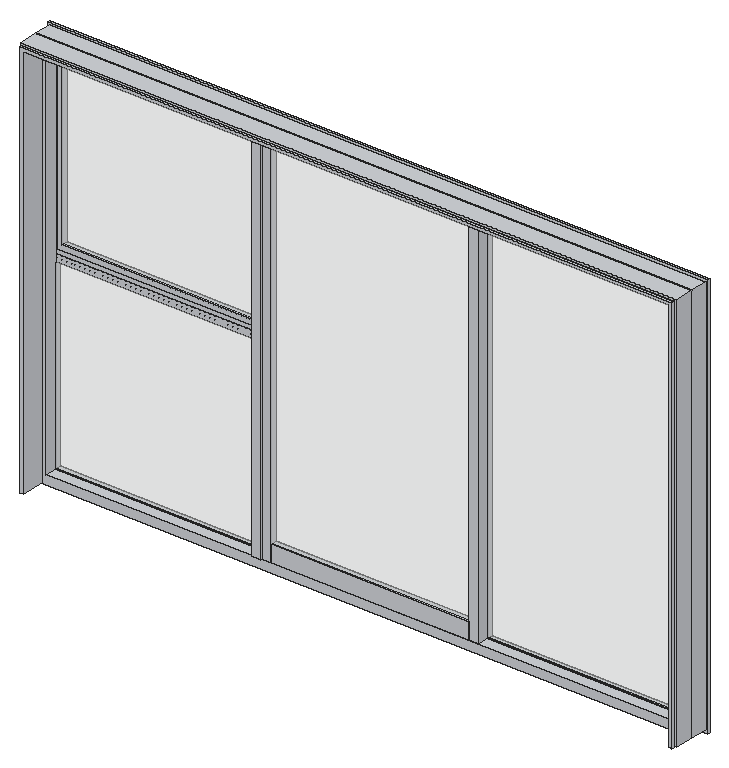
Revit family "APL Residential Thermal Heart Sliding Door FSF with Sidelight", category Doors, host Wall, Revit 2017
Family settings
  Host = Wall
  OmniClass Number = 23.30.10.00
  OmniClass Title = Doors
  Always vertical = Yes
  Cut with Voids When Loaded = No
  Shared = No
  Room Calculation Point = No
Parameters (values of type "Liner")
  Type [instance] = APL Residential Thermal Heart Sliding Door FSF with Sidelight Horizontal Section : Groove Liner
  Threshold [instance] = yes
  Seal [instance] = yes
  Sash [instance] = yes
  Rough Width = 3615 mm
  Rough Height = 2213 mm
  Rebate Height [instance] = 69.5 mm
  Rebate [instance] = yes
  Liner Sill = yes
  Liner Head = yes
  Liner End [instance] = 10 mm
  Liner [instance] = 101.3 mm
  Jamb Liner 2 = yes
  Jamb Liner 1 = yes
  Groove [instance] = 10 mm
  Glazing [instance] = yes
  Function = Interior
  Frame Width Sill = 15 mm
  Frame Projection Ext. = 13 mm
  Frame Projection Int. = 20 mm
  Frame Width = 17.306 mm
  Height = Rough Height - 12.5 mm  # 2200.5 mm
  Wall Closure = By host
  Width = Rough Width - 15 mm  # 3600 mm
  Reveal Liner = yes
  Fixed [instance] = yes
  Arrow Opening = yes
  Architrave = no
  Analytic Construction = "<None>"
Reference planes
  plane 1: y = 0
  plane 2 "Center (Left/Right)": x = -43
  plane 3 "Left": x = -1850.5
  plane 4 "Right": x = 1764.5
  plane 5: z = 2213
  plane 6 "Exterior": y = 100
  plane 7 "Interior": y = -100
  plane 8: z = 1106.5
  plane 9: x = -645.5
  plane 10: x = 559.5
Forms (mm)
  Extrusion 1, solid, visible <- "Architrave"
    sketch origin (0, -100, 0) x (1, 0, 0) y (0, 0, 1)
      loop
        line (-1850.5, 2213) -> (-1850.5, 0) -> (-1822.396, 0) -> (-1822.396, 2184.896) -> (1736.396, 2184.896) -> (1736.396, 0) -> (1764.5, 0) -> (1764.5, 2213) -> (-1850.5, 2213)
    from 0 to -103.35
  Extrusion 2, solid, visible <- "Architrave"
    sketch origin (-60, -100, 0) x (1, 0, 0) y (0, 0, 1)
      loop
        line (-1802, 2224.5) -> (-1802, 0) -> (-1762.396, 0) -> (-1762.396, 2184.896) -> (1796.396, 2184.896) -> (1796.396, -0.049) -> (1836, -0.049) -> (1836, 2224.5) -> (-1802, 2224.5)
    from 19.85 to 0
  Sweep 3, solid, visible <- "Reveal Liner"
    path origin (0, -100, 0) x (1, 0, 0) y (0, 0, 1)
      loop
        line (-1850.5, -0.049) -> (-1850.5, 2213) -> (1764.5, 2213) -> (1764.5, -0.049)
    profile origin (-1850.5, -100, 1106.475) x (-1, 0, 0) y (0, -1, 0)
      loop
        line (-9.104, 19.85) -> (-28.104, 19.85) -> (-28.104, -103.35) -> (0, -103.35) -> (0, -0.15) -> (-14.669, -0.15) -> (-14.669, 9.85) -> (-9.104, 9.85) -> (-9.104, 19.85)
  Sweep 4, solid
    path origin (0, 100, 0) x (1, 0, 0) y (0, 0, 1)
      loop
        line (1799.692, 2247.7) -> (-1885.708, 2247.7) -> (-1885.708, -38.2) -> (1799.692, -38.2) -> (1799.692, 2247.7)
    profile origin (-1885.708, 100, 1104.75) x (0, -1, 0) y (1, 0, 0)
      loop
        line (-12.35, 22.708) -> (0, 22.708) -> (0, 42.708) -> (26.65, 42.708) -> (26.65, 66.708) -> (-18.35, 66.708) -> (-18.35, 43.708) -> (-12.35, 37.708) -> (-12.35, 22.708)
  Extrusion 5, solid
    sketch origin (-43, 0, 0) x (0, 1, 0) y (0, 0, 1)
      loop
        line (44.38, 2161.998) -> (9.9, 2161.998) -> (9.9, 2099.995) -> (44.38, 2099.995) -> (44.38, 2161.998)
    from -519.563 to 575.578
  Extrusion 6, solid
    sketch origin (0, 0, 0) x (1, 0, 0) y (0, 1, 0)
      loop
        line (-669.272, 78.85) -> (-669.272, 102.85) -> (-1800, 102.85) -> (-1800, 78.85) -> (-669.272, 78.85)
    from 47.5 to 1075.792
  Sweep 7, solid
    path origin (0, 100, 0) x (1, 0, 0) y (0, 0, 1)
      loop
        line (-653.105, 2184.408) -> (-1822.396, 2184.408) -> (-1822.396, 1111.617) -> (-653.105, 1111.617) -> (-653.105, 2184.408)
    profile origin (-1822.396, 100, 1648.013) x (0, -1, 0) y (1, 0, 0)
      loop
        line (-24.75, -2.103) -> (-18.35, -2.103) -> (-18.35, 3.397) -> (26.65, 3.397) -> (26.65, 22.197) -> (21.15, 22.197) -> (21.15, 51.483) -> (-12.738, 51.483) -> (-24.75, 39.471) -> (-24.75, -2.103)
  Extrusion 8, solid
    sketch origin (-43, 0, 0) x (0, 1, 0) y (0, 0, 1)
      loop
        line (118.35, 1114.805) -> (73.35, 1114.805) -> (73.35, 1075.758) -> (75.684, 1075.758) -> (75.684, 1094.792) -> (118.35, 1094.792) -> (118.35, 1114.805)
    from -1776 to -607.272
  Extrusion 9, solid
    sketch origin (0, 0, 0) x (1, 0, 0) y (0, 1, 0)
      loop
        line (-1770.913, 87.75) -> (-704.588, 87.75) -> (-704.588, 111.75) -> (-1770.913, 111.75) -> (-1770.913, 87.75)
    from 1163.1 to 2132.716
  Extrusion 10, solid
    sketch origin (1143.695, 0, 2243.4) x (0, 1, 0) y (0, 0, -1)
      loop
        line (45.951, 2195.899) -> (9.95, 2195.899) -> (9.95, 2105.099) -> (45.951, 2105.099) -> (45.951, 2195.899)
    from 611.117 to 1706.259
  Extrusion 11, solid
    sketch origin (1100.695, 0, 0) x (-1, 0, 0) y (0, -1, 0)
      loop
        line (1713.696, -45.951) -> (1713.696, -9.95) -> (1663.259, -9.95) -> (1663.259, -45.951) -> (1713.696, -45.951)
    from 47.5 to 2161.998
  Extrusion 12, solid
    sketch origin (1100.695, 0, 0) x (-1, 0, 0) y (0, -1, 0)
      loop
        line (568.117, -40.65) -> (1663.259, -40.65) -> (1663.259, -16.65) -> (568.117, -16.65) -> (568.117, -40.65)
    from 138.3 to 2099.995
  Sweep 13, solid
    path origin (0, 100, 0) x (1, 0, 0) y (0, 0, 1)
      loop
        line (583.272, 47.5) -> (1714, 47.5) -> (1714, 2161.998) -> (583.272, 2161.998) -> (583.272, 47.5)
    profile origin (1714, 100, 1104.749) x (0, -1, 0) y (1, 0, 0)
      loop
        line (-3.964, 0) -> (26.65, 0) -> (26.65, 19) -> (-18.35, 19) -> (-18.35, 14.386) -> (-3.964, 0)
  Extrusion 14, solid
    sketch origin (514.931, 0, 0) x (-1, 0, 0) y (0, -1, 0)
      loop
        line (-17.647, -73.35) -> (-17.647, -9.95) -> (-68.34, -9.95) -> (-68.34, -73.35) -> (-17.647, -73.35)
    from 47.5 to 2161.998
  Extrusion 15, solid
    sketch origin (514.931, 0, 0) x (-1, 0, 0) y (0, -1, 0)
      loop
        line (-49.34, -73.35) -> (-49.34, -118.35) -> (-17.59, -118.35) -> (-17.59, -73.35) -> (-49.34, -73.35)
    from 28.508 to 2181
  Extrusion 16, solid
    sketch origin (-60, -100, 0) x (1, 0, 0) y (0, 0, 1)
      loop
        line (-1783, 2204.992) -> (-1783, 4.508) -> (1816.984, 4.508) -> (1816.984, 2204.992) -> (-1783, 2204.992)
      loop
        line (-1740, 2161.998) -> (-1740, 47.5) -> (1774, 47.5) -> (1774, 2161.998) -> (-1740, 2161.998)
    from -103.35 to -173.35
  Extrusion 17, solid
    sketch origin (-129.731, -100, 0) x (1, 0, 0) y (0, 0, 1)
      loop
        line (-1720.769, 2213) -> (-1720.769, 0) -> (1894.231, 0) -> (1894.231, 2213) -> (-1720.769, 2213)
      loop
        line (-1713.269, 2204.992) -> (-1713.269, 4.508) -> (1886.714, 4.508) -> (1886.714, 2204.992) -> (-1713.269, 2204.992)
    from -103.35 to -200
  Extrusion 18, solid
    sketch origin (-600.931, 0, 0) x (1, 0, 0) y (0, 1, 0)
      loop
        line (-12.069, 73.35) -> (-60.069, 73.35) -> (-60.069, 3.35) -> (-12.069, 3.35) -> (-12.069, 73.35)
    from 47.5 to 2161.998
  Extrusion 19, solid
    sketch origin (-600.931, 0, 0) x (1, 0, 0) y (0, 1, 0)
      loop
        line (-50.59, 73.35) -> (-33.569, 73.35) -> (-33.569, 118.35) -> (-50.59, 118.35) -> (-50.59, 73.35)
    from 28.508 to 2181
  Sweep 20, solid
    path origin (0, 100, 0) x (1, 0, 0) y (0, 0, 1)
      loop
        line (532.522, 49.581) -> (-613.305, 49.581) -> (-613.305, 2159.652) -> (532.522, 2159.652)
    profile origin (-613.305, 100, 1104.616) x (-1, 0, 0) y (0, -1, 0)
      loop
        line (21.196, -18.35) -> (21.196, 26.65) -> (-0.304, 26.65) -> (-0.304, 24.299) -> (17.362, -18.35) -> (21.196, -18.35)
  Sweep 21, solid
    path origin (0, 100, 0) x (1, 0, 0) y (0, 0, 1)
      loop
        line (-1800, 47.5) -> (-669.272, 47.5) -> (-669.272, 1075.792) -> (-1800, 1075.792) -> (-1800, 47.5)
    profile origin (-669.272, 100, 561.646) x (0, -1, 0) y (1, 0, 0)
      loop
        line (-3.964, 0) -> (26.65, 0) -> (26.65, 19) -> (-18.35, 19) -> (-18.35, 14.386) -> (-3.964, 0)
  Extrusion 22, solid
    sketch origin (2245.495, 62.2, 0) x (-1, 0, 0) y (0, -1, 0)
      loop
        line (531.495, -40.65) -> (1662.224, -40.65) -> (1662.224, -16.65) -> (531.495, -16.65) -> (531.495, -40.65)
    from 47.5 to 2161.998
Cuts and joins
  joined: Extrusion 1, Extrusion 2
  joined: Sweep 4, Extrusion 16, Extrusion 17
Lines and regions (mm)
  Opening 1
    outline origin (-5000.306, -100, 0) x (1, 0, 0) y (0, 0, 1)
      loop
        line (6764.806, 2213) -> (3149.806, 2213) -> (3149.806, 0) -> (6764.806, 0) -> (6764.806, 2213)
  symbolic lines, style "Elevation Swing"
    curve 1: line (-1237.751, 100, 2132.716) -> (-710.945, 100, 1163.1)
    curve 2: line (-1237.751, 100, 2132.716) -> (-1770.596, 100, 1163.1)
  symbolic lines, style "DoorsOpeningProjection"
    curve 3: line (-293, 157.712, 0) -> (207, 157.712, 0)
    curve 4: line (207, 157.712, 0) -> (110.407, 183.594, 0)
  symbolic lines, style "DoorsOpeningProjection", visible <- "Arrow Opening"
    curve 5: line (-298.893, 100, 1106.5) -> (212.893, 100, 1106.5)
    curve 6: line (212.893, 100, 1106.5) -> (128.087, 100, 1132.382)
Text (mm)
  text "Exterior" at (-2295.016, 1652.778, 0), in view "Ref. Level"
  text "Exterior" at (0, 1615.38, 3698.081), in view "Left"
  text "Exterior" at (0, 1036.032, 3874.932), in view "Right"
Dimensions and locks
  equal spacing: plane 3 "Left", plane 2 "Center (Left/Right)", plane 4 "Right"
  "Rough Width": plane 3 "Left" to plane 4 "Right"
  "Rough Height": plane 5 to host wall
  locked: plane 6 "Exterior" to host wall at 0
  locked: plane 7 "Interior" to host wall
  locked: Extrusion 5 to plane 5 at 113.005
  locked: cut or joined group of Extrusion 1, Extrusion 2 to cut or joined group of Extrusion 1, Extrusion 2 at 28.104  (x2)
  plane 6 "Exterior" to Extrusion 5 to Extrusion 5 = 55.62 mm locked, 34.48 mm locked
  locked: plane 3 "Left" to nested 1 at 7.5
  locked: Extrusion 9 to plane 5 at 80.284
  locked: plane 8 to Extrusion 8 at 11.708
  Sweep 7 to Extrusion 8 to plane 8 = 48.295 mm locked, 8.305 mm locked
  equal spacing: level, plane 8, plane 5
  locked: plane 8 to Extrusion 6 at 30.708
  locked: plane 8 to Extrusion 9 at 56.6
  locked: level to nested 3 at 4.508
  equal spacing: Sweep 7, curve 2, Extrusion 9
  locked: curve 3 to curve 3 at 500
  locked: curve 4 to curve 4 at 100
  Extrusion 11 to Extrusion 12 to Extrusion 12 to Extrusion 11 = 6.7 mm locked, 24 mm locked, 5.301 mm locked
  locked: Extrusion 14 to Extrusion 14 at 50.693
  locked: Sweep 7 to nested 1 at 13
  locked: Extrusion 22 to Extrusion 22 at 24
  level to plane 8 to plane 5 = 1106.5 mm, 1106.5 mm
  locked: Extrusion 22 to plane 5 at 51.002
  locked: Extrusion 12 to plane 5 at 113.005
  locked: Extrusion 15 to plane 5 at 32
  locked: Extrusion 11 to plane 5 at 51.002
  locked: Extrusion 19 to plane 5 at 32
  locked: plane 5 to Extrusion 18 at 51.002
  locked: plane 5 to Extrusion 14 at 51.002
  cut or joined group of Sweep 4, Extrusion 16, Extrusion 17 to cut or joined group of Sweep 4, Extrusion 16, Extrusion 17 to plane 6 "Exterior" = 70 mm locked, 26.65 mm locked
  cut or joined group of Sweep 4, Extrusion 16, Extrusion 17 to Sweep 7 to Extrusion 8 to Sweep 7 to Extrusion 9 to plane 6 "Exterior" to Extrusion 6 to Sweep 21 to Extrusion 9 to Sweep 7 to Sweep 7 to Sweep 7 = 70 mm locked, 2.334 mm locked, 3.166 mm locked, 8.9 mm locked, 12.25 mm locked, 2.85 mm locked, 1.114 mm locked, 7.786 mm locked, 0.988 mm locked, 5.612 mm locked, 6.4 mm locked
  Extrusion 18 to Sweep 20 to plane 6 "Exterior" to Extrusion 19 = 70 mm, 26.65 mm locked, 18.35 mm locked
  Extrusion 11 to Extrusion 12 to Extrusion 12 to Extrusion 10 to plane 6 "Exterior" = 6.7 mm locked, 24 mm locked, 5.301 mm locked, 54.049 mm locked
  Extrusion 14 to Extrusion 12 to Extrusion 12 to Extrusion 10 to Extrusion 15 to plane 6 "Exterior" to Extrusion 15 = 6.7 mm locked, 24 mm locked, 5.301 mm locked, 27.399 mm locked, 26.65 mm locked, 18.35 mm locked
  Sweep 13 to Sweep 13 to Extrusion 22 to host wall to Extrusion 22 to cut or joined group of Sweep 4, Extrusion 16, Extrusion 17 to cut or joined group of Sweep 4, Extrusion 16, Extrusion 17 = 14.386 mm locked, 1.114 mm locked, 2.85 mm locked, 21.15 mm locked, 5.5 mm locked, 70 mm locked
  locked: Extrusion 8 to plane 6 "Exterior" at 18.35
  locked: Extrusion 17 to Extrusion 17 at 96.65
  locked: plane 3 "Left" to Extrusion 8 at 31.5
  equal spacing: plane 3 "Left", plane 9, plane 10, plane 4 "Right"
  Extrusion 14 to plane 10 to Extrusion 14 = 26.922 mm locked, 23.772 mm locked
  Extrusion 18 to plane 9 to Extrusion 18 to Extrusion 11 = 15.5 mm locked, 32.5 mm locked, 50.437 mm locked
  Sweep 7 to plane 9 to Sweep 20 to Extrusion 18 = 11.001 mm locked, 11 mm locked, 21.5 mm locked
  Extrusion 15 to plane 10 to Extrusion 14 = 26.978 mm locked, 23.772 mm locked
  Extrusion 19 to plane 9 to Extrusion 19 = 6.022 mm locked, 11 mm locked
  locked: plane 10 to Extrusion 15 at 4.772
  locked: Sweep 21 to plane 9 at 4.772
  equal spacing: curve 6, plane 2 "Center (Left/Right)", curve 5
  locked: nested 2 to plane 5 at 7.992
  locked: nested 3 to plane 5 at 7.992
  locked: plane 10 to Extrusion 5 at 26.922
  locked: curve 4 to curve 3 (angle 15.00°)
  aligned and locked: host wall to plane 1
  aligned and locked: Extrusion 1 to Sweep 3
  aligned and locked: Extrusion 1 to level
  aligned and locked: Sweep 3 to Extrusion 1
  aligned and locked: Extrusion 1 to Extrusion 2
  aligned and locked: Extrusion 9 to Sweep 7  (x2)
  aligned and locked: Sweep 7 to curve 2
  aligned and locked: Sweep 7 to curve 1
  aligned and locked: Extrusion 11 to Extrusion 10
  aligned and locked: Extrusion 10 to Extrusion 11
  aligned and locked: Extrusion 12 to Extrusion 11
  aligned and locked: Extrusion 17 to Extrusion 16
  aligned and locked: Sweep 3 sketch curve to cut or joined group of Sweep 4, Extrusion 16, Extrusion 17
  aligned and locked: cut or joined group of Sweep 4, Extrusion 16, Extrusion 17 to Extrusion 18
  aligned and locked: Extrusion 10 to Extrusion 12
  aligned and locked: Extrusion 5 to Extrusion 11
  aligned and locked: Extrusion 15 to Sweep 13
  aligned and locked: Extrusion 14 to Sweep 13
  aligned and locked: Extrusion 6 to Sweep 21
  aligned and locked: Extrusion 8 to Sweep 21
  aligned and locked: Extrusion 22 to Sweep 13  (x2)
  aligned and locked: Extrusion 12 to Extrusion 14
Automatic sketch dimensions
  host wall to curve 4 = 57.712 mm
  plane 2 "Center (Left/Right)" to curve 4 = 250 mm
  curve 5 to plane 8 = 0 mm
  plane 5 to curve 2 = 80.284 mm
  curve 2 to plane 3 "Left" = 79.904 mm
  curve 1 to plane 2 "Center (Left/Right)" = 667.945 mm
  plane 8 to curve 6 = 25.882 mm
  curve 6 to curve 5 = 84.806 mm
  plane 3 "Left" to Opening 1 sketch curve = 0 mm
  Opening 1 sketch curve to level = 0 mm
  plane 4 "Right" to Opening 1 sketch curve = 0 mm
  Opening 1 sketch curve to plane 5 = 0 mm
  Extrusion 1 sketch curve to level = 0 mm  (x2)
  plane 3 "Left" to Extrusion 1 sketch curve = 0 mm
  plane 4 "Right" to Extrusion 1 sketch curve = 0 mm
  Extrusion 1 sketch curve to plane 5 = 0 mm
  Extrusion 1 sketch curve to plane 3 "Left" = 28.104 mm
  plane 4 "Right" to Extrusion 1 sketch curve = 28.104 mm
  plane 5 to Extrusion 1 sketch curve = 28.104 mm
  Extrusion 2 sketch curve to level = 0 mm
  plane 3 "Left" to Extrusion 2 sketch curve = 11.5 mm
  Extrusion 2 sketch curve to plane 3 "Left" = 28.104 mm
  plane 4 "Right" to Extrusion 2 sketch curve = 28.104 mm
  Extrusion 2 sketch curve to plane 4 "Right" = 11.5 mm
  Extrusion 2 sketch curve to level = 0.049 mm
  plane 5 to Extrusion 2 sketch curve = 28.104 mm
  Extrusion 2 sketch curve to plane 5 = 11.5 mm
  plane 3 "Left" to Sweep 3 sketch curve = 0 mm
  plane 4 "Right" to Sweep 3 sketch curve = 0 mm
  Sweep 3 sketch curve to plane 5 = 0 mm
  Sweep 3 sketch curve to level = 0.049 mm  (x2)
  plane 3 "Left" to Sweep 4 sketch curve = 35.208 mm
  Sweep 4 sketch curve to plane 4 "Right" = 35.192 mm
  Sweep 4 sketch curve to level = 38.2 mm
  Sweep 4 sketch curve to plane 5 = 34.7 mm
  Extrusion 5 sketch curve to host wall = 9.9 mm
  Extrusion 5 sketch curve to Extrusion 5 sketch curve = 34.48 mm
  plane 5 to Extrusion 5 sketch curve = 113.005 mm
  plane 5 to Extrusion 5 sketch curve = 51.002 mm
  Extrusion 6 sketch curve to host wall = 21.15 mm
  Extrusion 6 sketch curve to plane 3 "Left" = 50.5 mm
  host wall to Extrusion 6 sketch curve = 2.85 mm
  Extrusion 6 sketch curve to plane 2 "Center (Left/Right)" = 626.272 mm
  Sweep 7 sketch curve to plane 3 "Left" = 28.104 mm
  plane 8 to Sweep 7 sketch curve = 5.117 mm
  Sweep 7 sketch curve to plane 2 "Center (Left/Right)" = 610.105 mm
  plane 5 to Sweep 7 sketch curve = 28.592 mm
  plane 8 to Extrusion 8 sketch curve = 8.305 mm
  Extrusion 8 sketch curve to host wall = 26.65 mm
  Extrusion 8 sketch curve to Extrusion 8 sketch curve = 2.334 mm
  host wall to Extrusion 8 sketch curve = 18.35 mm
  Extrusion 8 sketch curve to plane 8 = 11.708 mm
  Extrusion 8 sketch curve to Extrusion 8 sketch curve = 19.034 mm
  host wall to Extrusion 9 sketch curve = 11.75 mm
  Extrusion 9 sketch curve to plane 3 "Left" = 79.587 mm
  Extrusion 9 sketch curve to plane 2 "Center (Left/Right)" = 661.588 mm
  Extrusion 9 sketch curve to host wall = 12.25 mm
  Extrusion 10 sketch curve to host wall = 9.95 mm
  Extrusion 10 sketch curve to Extrusion 10 sketch curve = 36.001 mm
  level to Extrusion 10 sketch curve = 138.3 mm
  level to Extrusion 10 sketch curve = 47.5 mm
  Extrusion 11 sketch curve to host wall = 45.951 mm
  Extrusion 11 sketch curve to plane 2 "Center (Left/Right)" = 519.563 mm
  Extrusion 11 sketch curve to host wall = 9.95 mm
  Extrusion 11 sketch curve to Extrusion 11 sketch curve = 50.437 mm
  Extrusion 12 sketch curve to host wall = 16.65 mm
  plane 2 "Center (Left/Right)" to Extrusion 12 sketch curve = 575.578 mm
  Extrusion 12 sketch curve to plane 2 "Center (Left/Right)" = 519.563 mm
  Extrusion 12 sketch curve to Extrusion 12 sketch curve = 24 mm
  Extrusion 14 sketch curve to host wall = 26.65 mm
  plane 2 "Center (Left/Right)" to Extrusion 14 sketch curve = 626.272 mm
  Extrusion 14 sketch curve to host wall = 9.95 mm
  Extrusion 14 sketch curve to Extrusion 14 sketch curve = 50.693 mm
  host wall to Extrusion 15 sketch curve = 18.35 mm
  plane 2 "Center (Left/Right)" to Extrusion 15 sketch curve = 607.272 mm
  Extrusion 15 sketch curve to Extrusion 15 sketch curve = 31.75 mm
  Extrusion 15 sketch curve to host wall = 26.65 mm
  Extrusion 16 sketch curve to plane 3 "Left" = 7.5 mm
  Extrusion 16 sketch curve to plane 3 "Left" = 50.5 mm
  plane 4 "Right" to Extrusion 16 sketch curve = 50.5 mm
  plane 4 "Right" to Extrusion 16 sketch curve = 7.516 mm
  level to Extrusion 16 sketch curve = 4.508 mm
  level to Extrusion 16 sketch curve = 47.5 mm
  plane 5 to Extrusion 16 sketch curve = 51.002 mm
  plane 5 to Extrusion 16 sketch curve = 8.008 mm
  Extrusion 17 sketch curve to level = 0 mm
  plane 3 "Left" to Extrusion 17 sketch curve = 0 mm
  plane 4 "Right" to Extrusion 17 sketch curve = 0 mm
  Extrusion 17 sketch curve to plane 5 = 0 mm
  Extrusion 17 sketch curve to plane 3 "Left" = 7.5 mm
  plane 4 "Right" to Extrusion 17 sketch curve = 7.516 mm
  level to Extrusion 17 sketch curve = 4.508 mm
  plane 5 to Extrusion 17 sketch curve = 8.008 mm
  Extrusion 18 sketch curve to host wall = 26.65 mm
  Extrusion 18 sketch curve to plane 2 "Center (Left/Right)" = 618 mm
  Extrusion 18 sketch curve to host wall = 3.35 mm
  Extrusion 18 sketch curve to Extrusion 18 sketch curve = 48 mm
  host wall to Extrusion 19 sketch curve = 18.35 mm
  Extrusion 19 sketch curve to plane 2 "Center (Left/Right)" = 608.522 mm
  Extrusion 19 sketch curve to Extrusion 19 sketch curve = 17.021 mm
  Extrusion 19 sketch curve to host wall = 26.65 mm
  profile plane to Sweep 20 sketch curve = 0.304 mm
  Sweep 20 sketch curve to profile plane = 17.362 mm
  Sweep 20 sketch curve to profile plane = 21.196 mm
  Sweep 20 sketch curve to plane 6 "Exterior" = 18.35 mm
  plane 6 "Exterior" to Sweep 20 sketch curve = 24.299 mm
  Sweep 20 sketch curve to Sweep 20 sketch curve = 2.351 mm
  Extrusion 22 sketch curve to host wall = 78.85 mm
  plane 4 "Right" to Extrusion 22 sketch curve = 50.5 mm
  plane 2 "Center (Left/Right)" to Extrusion 22 sketch curve = 626.272 mm
  Extrusion 22 sketch curve to Extrusion 22 sketch curve = 24 mm
  plane 6 "Exterior" to Sweep 4 sketch curve = 0 mm
  Sweep 4 sketch curve to Sweep 4 sketch curve = 12.35 mm
  Sweep 4 sketch curve to plane 6 "Exterior" = 18.35 mm
  plane 6 "Exterior" to Sweep 4 sketch curve = 26.65 mm
  Sweep 4 sketch curve to profile plane = 22.708 mm
  Sweep 4 sketch curve to Sweep 4 sketch curve = 15 mm
  Sweep 4 sketch curve to Sweep 4 sketch curve = 20 mm
  Sweep 4 sketch curve to Sweep 4 sketch curve = 6 mm
  Sweep 4 sketch curve to Sweep 4 sketch curve = 23 mm
  Sweep 13 sketch curve to profile plane = 0 mm
  Sweep 13 sketch curve to profile plane = 18.35 mm
  Sweep 13 sketch curve to profile plane = 3.964 mm
  profile plane to Sweep 13 sketch curve = 26.65 mm
  Sweep 13 sketch curve to profile plane = 14.386 mm
  Sweep 13 sketch curve to Sweep 13 sketch curve = 4.614 mm
  Sweep 3 sketch curve to profile plane = 0 mm
  profile plane to Sweep 3 sketch curve = 9.104 mm
  Sweep 3 sketch curve to Sweep 3 sketch curve = 5.565 mm
  profile plane to Sweep 3 sketch curve = 28.104 mm
  Sweep 3 sketch curve to plane 7 "Interior" = 0.15 mm
  plane 7 "Interior" to Sweep 3 sketch curve = 9.85 mm
  Sweep 3 sketch curve to Sweep 3 sketch curve = 10 mm
  Sweep 21 sketch curve to profile plane = 0 mm
  Sweep 21 sketch curve to profile plane = 18.35 mm
  Sweep 21 sketch curve to profile plane = 3.964 mm
  profile plane to Sweep 21 sketch curve = 26.65 mm
  Sweep 21 sketch curve to profile plane = 14.386 mm
  Sweep 21 sketch curve to Sweep 21 sketch curve = 4.614 mm
  Sweep 21 sketch curve to plane 3 "Left" = 50.5 mm
  level to Sweep 21 sketch curve = 47.5 mm
  Sweep 21 sketch curve to plane 2 "Center (Left/Right)" = 626.272 mm
  Sweep 21 sketch curve to plane 8 = 30.708 mm
  plane 5 to Sweep 13 sketch curve = 51.002 mm
  plane 2 "Center (Left/Right)" to Sweep 13 sketch curve = 626.272 mm
  plane 4 "Right" to Sweep 13 sketch curve = 50.5 mm
  level to Sweep 13 sketch curve = 47.5 mm
  profile plane to Sweep 7 sketch curve = 2.103 mm
  Sweep 7 sketch curve to plane 6 "Exterior" = 24.75 mm
  Sweep 7 sketch curve to Sweep 7 sketch curve = 6.4 mm
  Sweep 7 sketch curve to plane 6 "Exterior" = 12.738 mm
  plane 6 "Exterior" to Sweep 7 sketch curve = 21.15 mm
  Sweep 7 sketch curve to Sweep 7 sketch curve = 5.5 mm
  Sweep 7 sketch curve to profile plane = 3.397 mm
  Sweep 7 sketch curve to Sweep 7 sketch curve = 18.8 mm
  Sweep 7 sketch curve to Sweep 7 sketch curve = 36.074 mm
  Sweep 7 sketch curve to Sweep 7 sketch curve = 29.287 mm
  plane 9 to Sweep 20 sketch curve = 32.195 mm
  level to Sweep 20 sketch curve = 49.581 mm
  plane 5 to Sweep 20 sketch curve = 53.348 mm
  Sweep 20 sketch curve to plane 10 = 26.978 mm  (x2)
  plane 2 "Center (Left/Right)" to curve 6 = 255.893 mm
Nested families
  nested 1: "APL Residential Thermal Heart Sliding Door FSF with Sidelight Horizontal Section" at (-1342.917, 157.796, -15.492), Box Width <- "Width", type <- "Type", type "Groove Liner"
    with Liner End 10 mm, Liner 106.8 mm, Groove 10 mm, Glass Sash Length 1095 mm, Glass Length 1119 mm, Glass Fixed Length 1155 mm, Box Width 3600 mm
  nested 2: "APL Residential Thermal Heart Sliding Door FSF Vertical Section" at (-1863, -277.596, 127.905) x (0, -1, 0) z (1, 0, 0), Box Height <- "Height", type "Groove Liner"
    with Liner End 10 mm, Liner 100 mm, Groove 10 mm, Glass Length 1982.6 mm, Glass Fixed Length 2140 mm, Box Height 2200.5 mm
  nested 3: "APL Residential Thermal Heart Sliding Door FSF with Sidelight Vertical Section" at (-1863, -277.127, 127.905) x (0, -1, 0) z (1, 0, 0), Box Height <- "Height", type "Groove Liner"
    with Liner End 10 mm, Liner 100 mm, Groove 10 mm, Glass Sash 996.25 mm, Glass Length 1053.75 mm, Box Height 2200.5 mm
Definition of nested family "APL Residential Thermal Heart Sliding Door FSF with Sidelight Horizontal Section"
  Parameters (values of type "Groove Liner")
    Liner End [instance] = 10 mm
    Liner Block = Liner : Liner
    Liner [instance] = 100 mm
    Groove [instance] = 10 mm
    Glass Length [instance] = (Box Width / 3) - 81 mm  # 252.333 mm
    Glass Sash Length [instance] = (Box Width / 3) - 105 mm  # 228.333 mm
    Glass Fixed Length [instance] = (Box Width / 3) - 45 mm  # 288.333 mm
    Box Width [instance] = 1000 mm
  Types (2, lengths in mm): name | Liner Block | Glass Length | Glass Sash Length | Glass Fixed Length | Box Width
    Groove Liner | Liner : Liner | 252.333 | 228.333 | 288.333 | 1000
    Liner | Liner No Groove : Liner No Groove | 85.667 | 61.667 | 121.667 | 500
  Reference planes
    plane 1 "Center (Front/Back)": y = 39.446
    plane 2: z = 0
    plane 3 "Center (Left/Right)": x = -0.083
    plane 4: x = -500.083
    plane 5: x = 499.917
    plane 6: y = 150.946
    plane 7: y = 150.946
    plane 8: x = 507.417
    plane 9: y = 57.796
    plane 10: x = -166.75
    plane 11: x = 166.584
  Dimensions and locks
    equal spacing: plane 4, plane 3 "Center (Left/Right)", plane 5
    "Box Width": plane 4 to plane 5
    "Liner": plane 6 to nested 1
    "Liner": plane 7 to nested 2
    plane 8 to plane 5 = 7.5 mm
    locked: plane 4 to nested 6 at 59
    locked: nested 1 to nested 5 at 22.397
    locked: nested 5 to nested 6 at 6
    locked: nested 11 to nested 2 at 22.397
    equal spacing: plane 4, plane 10, plane 11, plane 5
    locked: nested 7 to nested 8 at 6
    locked: nested 8 to nested 3 at 6
    nested 7 to plane 10 to nested 3 = 46.001 mm locked, 69.816 mm locked
    locked: nested 4 to nested 10 at 5.965
    locked: nested 10 to nested 9 at 6.328
    nested 4 to plane 11 to nested 9 = 11.441 mm locked, 14.849 mm locked
    locked: nested 12 to nested 11 at 6.351
    locked: nested 12 to plane 5 at 30.351
    aligned and locked: plane 7 to nested 2
    aligned and locked: nested 5 to plane 4
    aligned and locked: nested 11 to plane 5
  Nested families
    nested 1: "Liner" at (-479.48, 150.946, 0) x (0, 1, 0) z (0, 0, 1), type <- "Liner Block", type "Liner", in view "Ref. Level", detail levels fine
      with built-in parameter 1001306 0.32808 (stored number, unit not read)
    nested 2: "Liner" at (479.313, 150.946, 0) x (0, 1, 0) z (0, 0, 1), type <- "Liner Block", type "Liner", in view "Ref. Level", detail levels fine
      with built-in parameter 1001306 0.32808 (stored number, unit not read)
    nested 3: "Glass" at (-96.934, 117.146, 0) x (0, 1, 0) z (0, 0, 1), Glass Lenght <- "Glass Length", type "Glass", in view "Ref. Level", detail levels fine
      with Glass Lenght 252.333 mm
    nested 4: "Glass" at (155.143, 117.146, 0) x (0, 1, 0) z (0, 0, 1), Glass Lenght <- "Glass Length", type "Glass", in view "Ref. Level", detail levels fine
      with Glass Lenght 252.333 mm
    nested 5: "Jamb&Sash" at (-500.083, 39.446, 0), type "Jamb&Sash", in view "Ref. Level", detail levels fine
    nested 6: "Glazing" at (-441.083, 46.046, 0) x (0, 1, 0) z (0, 0, 1), Glass Lenght <- "Glass Sash Length", type "Glazing", in view "Ref. Level", detail levels fine
      with Glass Lenght 228.333 mm
    nested 7: "Glazing" at (-212.751, 46.046, 0) x (0, 1, 0) z (0, 0, 1), Glass Lenght <- "Glass Sash Length", type "Glazing", in view "Ref. Level", detail levels fine
      with Glass Lenght 228.333 mm
    nested 8: "Three Panel Closer" at (-184.75, 85.446, 0), type "Three Panel Closer", in view "Ref. Level", detail levels fine
    nested 9: "Glazing Bead" at (181.433, 54.946, 0) x (0, 1, 0) z (0, 0, 1), Glass Lenght <- "Glass Fixed Length", type "Glazing Bead", in view "Ref. Level", detail levels fine
      with Glass Lenght 288.333 mm
    nested 10: "Interlocker" at (167.515, 109.946, 0) x (-1, 0, 0) z (0, 0, 1), type "Interlocker", in view "Ref. Level", detail levels fine
    nested 11: "Jamb Fixed" at (499.917, 39.446, 0) x (-1, 0, 0) z (0, 0, 1), type "Jamb Fixed", in view "Ref. Level", detail levels fine
    nested 12: "Glazing Bead" at (469.566, 54.946, 0) x (0, 1, 0) z (0, 0, 1), Glass Lenght <- "Glass Fixed Length", type "Glazing Bead", in view "Ref. Level", detail levels fine
      with Glass Lenght 288.333 mm
  Definition of nested family "Liner"
    Parameters (values of type "Liner")
      Type Image = (empty or 0)
      built-in parameter 1001306 [instance] = 100 mm
      Groove [instance] = 10 mm
      End Liner [instance] = 10 mm
    Reference planes
      plane 1 "Center (Front/Back)": y = 0
      plane 2: z = 0
      plane 3 "Left": x = 0
      plane 4 "Right": x = 100
    Lines and regions (mm)
      Filled region 1, type "Brick", in view "Ref. Level"
        outline origin (0, 0, 0) x (1, 0, 0) y (0, 1, 0)
          loop
            line (0, 0) -> (120, 0) -> (120, 19) -> (110, 19) -> (110, 13.435) -> (100, 13.435) -> (100, 19) -> (0, 19) -> (0, 0)
      reference lines, in view "Ref. Level"
        curve 1: line (0, 0, 0) -> (100, 0, 0)
      detail lines, in view "Ref. Level", detail levels fine
        curve 2: line (100, 0, 0) -> (0, 0, 0)
    Dimensions and locks
      "built-in parameter 1001306": plane 3 "Left" to plane 4 "Right"
      locked: Filled region 1 to curve 2 at 19
      "Groove": plane 4 "Right" to Filled region 1
      "End Liner": Filled region 1 to Filled region 1
      aligned and locked: plane 1 "Center (Front/Back)" to curve 1
      aligned and locked: plane 3 "Left" to curve 1
      aligned and locked: plane 4 "Right" to curve 1
      aligned and locked: curve 1 to Filled region 1
      aligned and locked: plane 1 "Center (Front/Back)" to Filled region 1
      aligned and locked: Filled region 1 to plane 3 "Left"
    Automatic sketch dimensions
      curve 2 to plane 4 "Right" = 0 mm
      Filled region 1 sketch curve to plane 3 "Left" = 0 mm
      Filled region 1 sketch curve to plane 4 "Right" = 0 mm
      Filled region 1 sketch curve to Filled region 1 sketch curve = 10 mm  (x2)
      Filled region 1 sketch curve to plane 1 "Center (Front/Back)" = 0 mm
      Filled region 1 sketch curve to plane 1 "Center (Front/Back)" = 13.435 mm
      Filled region 1 sketch curve to Filled region 1 sketch curve = 5.565 mm  (x2)
      curve 2 to plane 3 "Left" = 0 mm
  Definition of nested family "Glass"
    Parameters (values of type "Glass")
      Glass Lenght [instance] = 50 mm
    Reference planes
      plane 1 "Center (Front/Back)": y = 0
      plane 2: z = 0
      plane 3 "Center (Left/Right)": x = 0
      plane 4: y = -50
    Lines and regions (mm)
      Filled region 1, type "Solid Fill - Black", in view "Ref. Level"
        outline origin (0, 0, 0) x (1, 0, 0) y (0, 1, 0)
          loop
            line (4, 0) -> (4, -12) -> (20, -12) -> (20, 0) -> (4, 0)
      model lines, in view "Ref. Level"
        curve 1: line (4, -12, 0) -> (20, -12, 0)
        curve 2: line (0, -50, 0) -> (0, 0, 0)
        curve 3: line (0, 0, 0) -> (24, 0, 0)
        curve 4: line (24, 0, 0) -> (24, -50, 0)
        curve 5: line (20, 0, 0) -> (20, -50, 0)
        curve 6: line (4, 0, 0) -> (4, -50, 0)
      detail lines, in view "Ref. Level"
        curve 7: arc (25, -11.728, 0) -> (24.979, -11.828, 0) -> (24.92, -11.912, 0) r 0.25
        curve 8: arc (24.161, -12.614, 0) -> (24.042, -12.78, 0) -> (24, -12.981, 0) r 0.5
        curve 9: arc (24, -14.404, 0) -> (24.088, -14.594, 0) -> (24.289, -14.651, 0) r 0.25
        curve 10: arc (28.489, -13.997, 0) -> (28.647, -13.904, 0) -> (28.699, -13.728, 0) r 0.25
        curve 11: arc (27.5, -9.1, 0) -> (27.711, -8.984, 0) -> (27.727, -8.744, 0) r 0.25
        curve 12: arc (26.033, -5.114, 0) -> (25.642, -4.858, 0) -> (25.24, -5.095, 0) r 0.442
        curve 13: arc (24.864, -5.812, 0) -> (24.414, -6.357, 0) -> (24.052, -6.964, 0) r 4.62
        curve 14: arc (24.052, -6.964, 0) -> (24.013, -7.073, 0) -> (24, -7.187, 0) r 0.5
        curve 15: arc (24, -7.743, 0) -> (24.132, -7.931, 0) -> (24.353, -7.871, 0) r 0.2
        curve 16: arc (24.353, -7.871, 0) -> (24.514, -7.711, 0) -> (24.702, -7.581, 0) r 1.262
        curve 17: arc (24.702, -7.581, 0) -> (24.901, -7.583, 0) -> (25, -7.756, 0) r 0.2
        curve 18: arc (25, -8.353, 0) -> (24.962, -8.543, 0) -> (24.855, -8.705, 0) r 0.5
        curve 19: arc (24.855, -8.705, 0) -> (24.408, -9.237, 0) -> (24.051, -9.833, 0) r 4.3
        curve 20: arc (24.051, -9.833, 0) -> (24.013, -9.941, 0) -> (24, -10.054, 0) r 0.5
        curve 21: arc (24, -10.668, 0) -> (24.137, -10.858, 0) -> (24.361, -10.787, 0) r 0.2
        curve 22: arc (24.361, -10.787, 0) -> (24.512, -10.617, 0) -> (24.69, -10.476, 0) r 1.288
        curve 23: arc (24.69, -10.476, 0) -> (24.895, -10.467, 0) -> (25, -10.643, 0) r 0.2
        curve 24: line (24.92, -11.912, 0) -> (24.161, -12.614, 0)
        curve 25: line (24, -12.981, 0) -> (24, -14.404, 0)
        curve 26: line (24.289, -14.651, 0) -> (28.489, -13.997, 0)
        curve 27: line (28.699, -13.728, 0) -> (28.548, -12, 0)
        curve 28: line (28.548, -12, 0) -> (27, -12, 0)
        curve 29: line (27, -12, 0) -> (27, -9.1, 0)
        curve 30: line (27, -9.1, 0) -> (27.5, -9.1, 0)
        curve 31: line (27.727, -8.744, 0) -> (26.033, -5.114, 0)
        curve 32: line (25.24, -5.095, 0) -> (24.864, -5.812, 0)
        curve 33: line (24, -7.187, 0) -> (24, -7.743, 0)
        curve 34: line (25, -7.756, 0) -> (25, -8.353, 0)
        curve 35: line (24, -10.054, 0) -> (24, -10.668, 0)
        curve 36: line (25, -10.643, 0) -> (25, -11.728, 0)
        curve 87: arc (-0.25, -13, 0) -> (0, -12.75, 0) -> (-0.25, -12.5, 0) r 0.25
        curve 88: arc (-0.25, -9.45, 0) -> (0, -9.2, 0) -> (-0.25, -8.95, 0) r 0.25
        curve 89: arc (-0.25, -8.281, 0) -> (0, -8.031, 0) -> (-0.25, -7.781, 0) r 0.25
        curve 90: arc (-0.25, -7.113, 0) -> (0, -6.863, 0) -> (-0.25, -6.613, 0) r 0.25
        curve 91: line (-0.25, -5.444, 0) -> (-1, -5.444, 0)
        curve 92: line (-1, -5.444, 0) -> (-1, -9.45, 0)
        curve 93: line (-1, -9.45, 0) -> (-2.2, -9.45, 0)
        curve 94: line (-2.2, -9.45, 0) -> (-2.2, -8.7, 0)
        curve 95: line (-2.2, -8.7, 0) -> (-2.8, -8.7, 0)
        curve 96: line (-2.8, -8.7, 0) -> (-2.8, -11.8, 0)
        curve 97: line (-2.8, -11.8, 0) -> (-2.2, -11.8, 0)
        curve 98: line (-2.2, -11.8, 0) -> (-2.2, -11.05, 0)
        curve 99: line (-2.2, -11.05, 0) -> (-1, -11.05, 0)
        curve 100: line (-1, -11.05, 0) -> (-1, -13, 0)
        curve 101: line (-1, -13, 0) -> (-0.25, -13, 0)
        curve 102: line (-0.25, -12.5, 0) -> (-0.25, -9.45, 0)
        curve 103: line (-0.25, -8.95, 0) -> (-0.25, -8.281, 0)
        curve 104: line (-0.25, -7.781, 0) -> (-0.25, -7.113, 0)
        curve 105: line (-0.25, -6.613, 0) -> (-0.25, -5.944, 0)
        curve 106: arc (-0.25, -5.944, 0) -> (0, -5.694, 0) -> (-0.25, -5.444, 0) r 0.25
      detail lines, in view "Ref. Level", not visible
        curve 37: arc (-0.25, -4.9, 0) -> (0, -5.15, 0) -> (-0.25, -5.4, 0) r 0.25
        curve 38: arc (-0.25, -8.45, 0) -> (0, -8.7, 0) -> (-0.25, -8.95, 0) r 0.25
        curve 39: arc (-0.25, -9.619, 0) -> (0, -9.869, 0) -> (-0.25, -10.119, 0) r 0.25
        curve 40: arc (-0.25, -10.787, 0) -> (0, -11.037, 0) -> (-0.25, -11.287, 0) r 0.25
        curve 41: line (-0.25, -12.456, 0) -> (-1, -12.456, 0)
        curve 42: line (-1, -12.456, 0) -> (-1, -8.45, 0)
        curve 43: line (-1, -8.45, 0) -> (-2.2, -8.45, 0)
        curve 44: line (-2.2, -8.45, 0) -> (-2.2, -9.2, 0)
        curve 45: line (-2.2, -9.2, 0) -> (-2.8, -9.2, 0)
        curve 46: line (-2.8, -9.2, 0) -> (-2.8, -6.1, 0)
        curve 47: line (-2.8, -6.1, 0) -> (-2.2, -6.1, 0)
        curve 48: line (-2.2, -6.1, 0) -> (-2.2, -6.85, 0)
        curve 49: line (-2.2, -6.85, 0) -> (-1, -6.85, 0)
        curve 50: line (-1, -6.85, 0) -> (-1, -4.9, 0)
        curve 51: line (-1, -4.9, 0) -> (-0.25, -4.9, 0)
        curve 52: line (-0.25, -5.4, 0) -> (-0.25, -8.45, 0)
        curve 53: line (-0.25, -8.95, 0) -> (-0.25, -9.619, 0)
        curve 54: line (-0.25, -10.119, 0) -> (-0.25, -10.787, 0)
        curve 55: line (-0.25, -11.287, 0) -> (-0.25, -11.956, 0)
        curve 56: arc (-0.25, -11.956, 0) -> (0, -12.206, 0) -> (-0.25, -12.456, 0) r 0.25
        curve 57: arc (25, -10.728, 0) -> (24.979, -10.828, 0) -> (24.92, -10.912, 0) r 0.25
        curve 58: arc (24.161, -11.614, 0) -> (24.042, -11.78, 0) -> (24, -11.981, 0) r 0.5
        curve 59: arc (24, -13.404, 0) -> (24.088, -13.594, 0) -> (24.289, -13.651, 0) r 0.25
        curve 60: arc (28.489, -12.997, 0) -> (28.647, -12.904, 0) -> (28.699, -12.728, 0) r 0.25
        curve 61: arc (27.5, -8.1, 0) -> (27.711, -7.984, 0) -> (27.727, -7.744, 0) r 0.25
        curve 62: arc (26.033, -4.114, 0) -> (25.642, -3.858, 0) -> (25.24, -4.095, 0) r 0.442
        curve 63: arc (24.864, -4.812, 0) -> (24.414, -5.357, 0) -> (24.052, -5.964, 0) r 4.62
        curve 64: arc (24.052, -5.964, 0) -> (24.013, -6.073, 0) -> (24, -6.187, 0) r 0.5
        curve 65: arc (24, -6.743, 0) -> (24.132, -6.931, 0) -> (24.353, -6.871, 0) r 0.2
        curve 66: arc (24.353, -6.871, 0) -> (24.514, -6.711, 0) -> (24.702, -6.581, 0) r 1.262
        curve 67: arc (24.702, -6.581, 0) -> (24.901, -6.583, 0) -> (25, -6.756, 0) r 0.2
        curve 68: arc (25, -7.353, 0) -> (24.962, -7.543, 0) -> (24.855, -7.705, 0) r 0.5
        curve 69: arc (24.855, -7.705, 0) -> (24.408, -8.237, 0) -> (24.051, -8.833, 0) r 4.3
        curve 70: arc (24.051, -8.833, 0) -> (24.013, -8.941, 0) -> (24, -9.054, 0) r 0.5
        curve 71: arc (24, -9.668, 0) -> (24.137, -9.858, 0) -> (24.361, -9.787, 0) r 0.2
        curve 72: arc (24.361, -9.787, 0) -> (24.512, -9.617, 0) -> (24.69, -9.476, 0) r 1.288
        curve 73: arc (24.69, -9.476, 0) -> (24.895, -9.467, 0) -> (25, -9.643, 0) r 0.2
        curve 74: line (24.92, -10.912, 0) -> (24.161, -11.614, 0)
        curve 75: line (24, -11.981, 0) -> (24, -13.404, 0)
        curve 76: line (24.289, -13.651, 0) -> (28.489, -12.997, 0)
        curve 77: line (28.699, -12.728, 0) -> (28.548, -11, 0)
        curve 78: line (28.548, -11, 0) -> (27, -11, 0)
        curve 79: line (27, -11, 0) -> (27, -8.1, 0)
        curve 80: line (27, -8.1, 0) -> (27.5, -8.1, 0)
        curve 81: line (27.727, -7.744, 0) -> (26.033, -4.114, 0)
        curve 82: line (25.24, -4.095, 0) -> (24.864, -4.812, 0)
        curve 83: line (24, -6.187, 0) -> (24, -6.743, 0)
        curve 84: line (25, -6.756, 0) -> (25, -7.353, 0)
        curve 85: line (24, -9.054, 0) -> (24, -9.668, 0)
        curve 86: line (25, -9.643, 0) -> (25, -10.728, 0)
    Dimensions and locks
      "Glass Lenght": plane 1 "Center (Front/Back)" to plane 4
      aligned and locked: plane 4 to curve 2
      aligned and locked: plane 1 "Center (Front/Back)" to Filled region 1 sketch curve
      aligned and locked: Filled region 1 sketch curve to curve 6
      aligned and locked: Filled region 1 sketch curve to curve 1
      aligned and locked: Filled region 1 sketch curve to curve 5
    Automatic sketch dimensions
      plane 1 "Center (Front/Back)" to curve 2 = 0 mm
      curve 2 to plane 3 "Center (Left/Right)" = 0 mm
      curve 6 to plane 4 = 0 mm
      curve 5 to plane 4 = 0 mm
      curve 4 to plane 4 = 0 mm
      curve 5 to curve 3 = 4 mm
      curve 1 to curve 1 = 16 mm
      plane 1 "Center (Front/Back)" to curve 1 = 12 mm
      plane 3 "Center (Left/Right)" to curve 6 = 4 mm
  Definition of nested family "Jamb&Sash"
    Reference planes
      plane 1 "Center (Front/Back)": y = 0
      plane 2: z = 0
      plane 3 "Center (Left/Right)": x = 0
    Lines and regions (mm)
      detail lines, in view "Ref. Level"
        curve 1: arc (34.145, 40.782, 0) -> (34.004, 40.472, 0) -> (34.304, 40.309, 0) r 0.25
        curve 2: arc (44.192, 40.336, 0) -> (44.491, 40.498, 0) -> (44.351, 40.808, 0) r 0.25
        curve 3: line (34.304, 40.309, 0) -> (38.171, 41.303, 0)
        curve 4: line (38.171, 41.303, 0) -> (38.75, 40.3, 0)
        curve 5: line (38.75, 40.3, 0) -> (39.75, 40.3, 0)
        curve 6: line (39.75, 40.3, 0) -> (40.342, 41.325, 0)
        curve 7: line (40.342, 41.325, 0) -> (44.192, 40.336, 0)
        curve 8: line (44.351, 40.808, 0) -> (40.25, 42.532, 0)
        curve 9: line (40.25, 42.532, 0) -> (40.25, 43.8, 0)
        curve 10: line (40.25, 43.8, 0) -> (41.5, 43.8, 0)
        curve 11: line (41.5, 43.8, 0) -> (41.5, 44.8, 0)
        curve 12: line (41.5, 44.8, 0) -> (37, 44.8, 0)
        curve 13: line (37, 44.8, 0) -> (37, 43.8, 0)
        curve 14: line (37, 43.8, 0) -> (38.25, 43.8, 0)
        curve 15: line (38.25, 43.8, 0) -> (38.25, 42.508, 0)
        curve 16: line (38.25, 42.508, 0) -> (34.145, 40.782, 0)
      detail lines, in view "Ref. Level", not visible
        curve 17: arc (33.161, -9.933, 0) -> (32.851, -9.793, 0) -> (32.689, -10.092, 0) r 0.25
        curve 18: arc (32.715, -19.98, 0) -> (32.877, -20.279, 0) -> (33.188, -20.139, 0) r 0.25
        curve 19: line (32.689, -10.092, 0) -> (33.683, -13.959, 0)
        curve 20: line (33.683, -13.959, 0) -> (32.679, -14.539, 0)
        curve 21: line (32.679, -14.539, 0) -> (32.679, -15.539, 0)
        curve 22: line (32.679, -15.539, 0) -> (33.705, -16.131, 0)
        curve 23: line (33.705, -16.131, 0) -> (32.715, -19.98, 0)
        curve 24: line (33.188, -20.139, 0) -> (34.912, -16.039, 0)
        curve 25: line (34.912, -16.039, 0) -> (36.179, -16.039, 0)
        curve 26: line (36.179, -16.039, 0) -> (36.179, -17.289, 0)
        curve 27: line (36.179, -17.289, 0) -> (37.179, -17.289, 0)
        curve 28: line (37.179, -17.289, 0) -> (37.179, -12.789, 0)
        curve 29: line (37.179, -12.789, 0) -> (36.179, -12.789, 0)
        curve 30: line (36.179, -12.789, 0) -> (36.179, -14.039, 0)
        curve 31: line (36.179, -14.039, 0) -> (34.887, -14.039, 0)
        curve 32: line (34.887, -14.039, 0) -> (33.161, -9.933, 0)
    Dimensions and locks
      locked: nested 1 to nested 3 at 51
      locked: nested 1 to nested 3 at 48
    Nested families
      nested 1: "65400_Jamb Fixed" at (43, 0, 0) x (0, 1, 0) z (0, 0, 1), type "65400_Jamb Fixed", in view "Ref. Level"
      nested 2: "65585_Infill" at (43, 110.375, 0) x (0, -1, 0) z (0, 0, 1), type "65585_Infill", in view "Ref. Level"
      nested 3: "65720_Sash" at (45, -0.7, 0) x (0, 1, 0) z (0, 0, 1), type "65720_Sash", in view "Ref. Level"
    Definition of nested family "65400_Jamb Fixed"
      Reference planes
        plane 1 "Center (Front/Back)": y = 0
        plane 2: z = 0
        plane 3 "Center (Left/Right)": x = 0
      Lines and regions (mm)
        detail lines, in view "Ref. Level"
          curve 1: arc (46.1, 18.8, 0) -> (45.602, 20.002, 0) -> (44.4, 20.5, 0) r 1.7
          curve 2: arc (29.9, 20.5, 0) -> (29.546, 20.646, 0) -> (29.4, 21, 0) r 0.5
          curve 3: arc (29.4, 34.099, 0) -> (29.546, 34.453, 0) -> (29.9, 34.6, 0) r 0.5
          curve 4: arc (36.605, 34.6, 0) -> (37.013, 34.521, 0) -> (37.363, 34.296, 0) r 1.1
          curve 5: arc (37.363, 34.296, 0) -> (38.199, 33.684, 0) -> (39.189, 33.379, 0) r 3.126
          curve 6: arc (62.286, 32.2, 0) -> (62.738, 31.881, 0) -> (63.285, 31.958, 0) r 0.75
          curve 7: arc (63.285, 31.958, 0) -> (64.2, 32.2, 0) -> (65.115, 31.958, 0) r 1.85
          curve 8: arc (65.115, 31.958, 0) -> (65.281, 31.888, 0) -> (65.459, 31.86, 0) r 0.75
          curve 9: arc (65.459, 31.86, 0) -> (65.663, 31.808, 0) -> (65.828, 31.676, 0) r 0.5
          curve 10: arc (65.828, 31.676, 0) -> (66.3, 30.35, 0) -> (65.828, 29.024, 0) r 2.1
          curve 11: arc (65.828, 29.024, 0) -> (65.663, 28.892, 0) -> (65.459, 28.84, 0) r 0.5
          curve 12: arc (65.459, 28.84, 0) -> (65.281, 28.812, 0) -> (65.115, 28.742, 0) r 0.75
          curve 13: arc (65.115, 28.742, 0) -> (63.721, 28.563, 0) -> (62.604, 29.415, 0) r 1.85
          curve 14: arc (62.604, 29.415, 0) -> (61.577, 29.683, 0) -> (61.309, 28.657, 0) r 0.75
          curve 15: arc (61.309, 28.657, 0) -> (62.349, 27.558, 0) -> (63.765, 27.028, 0) r 3.35
          curve 16: arc (63.765, 27.028, 0) -> (64.076, 26.862, 0) -> (64.2, 26.533, 0) r 0.5
          curve 17: arc (64.2, 17.483, 0) -> (64.489, 15.565, 0) -> (65.33, 13.818, 0) r 6.5
          curve 18: arc (65.33, 13.818, 0) -> (65.978, 12.474, 0) -> (66.2, 11, 0) r 5
          curve 19: arc (66.2, 1.9, 0) -> (66.054, 1.546, 0) -> (65.7, 1.4, 0) r 0.5
          curve 20: arc (47, 1.4, 0) -> (46.646, 1.546, 0) -> (46.5, 1.9, 0) r 0.5
          curve 21: arc (46.5, 6.5, 0) -> (46.396, 7.048, 0) -> (46.1, 7.52, 0) r 1.5
          curve 22: arc (24.183, 34.774, 0) -> (24.053, 34.838, 0) -> (24, 34.973, 0) r 0.2
          curve 23: arc (24.399, 37.321, 0) -> (24.668, 37.608, 0) -> (25.06, 37.613, 0) r 0.5
          curve 24: arc (25.06, 37.613, 0) -> (25.236, 37.7, 0) -> (25.42, 37.633, 0) r 0.25
          curve 25: arc (25.42, 37.633, 0) -> (25.563, 37.502, 0) -> (25.569, 37.309, 0) r 0.25
          curve 26: arc (26.823, 36.544, 0) -> (26.898, 36.511, 0) -> (26.979, 36.5, 0) r 0.3
          curve 27: arc (27.5, 36.5, 0) -> (27.658, 36.578, 0) -> (27.694, 36.75, 0) r 0.2
          curve 28: arc (27.5, 40.753, 0) -> (27.526, 40.875, 0) -> (27.6, 40.976, 0) r 0.3
          curve 29: arc (27.6, 40.976, 0) -> (27.664, 41.343, 0) -> (27.322, 41.49, 0) r 0.3
          curve 30: arc (25.179, 40.957, 0) -> (25.09, 40.905, 0) -> (25.038, 40.816, 0) r 0.2
          curve 31: arc (24.993, 40.648, 0) -> (24.852, 40.507, 0) -> (24.659, 40.559, 0) r 0.2
          curve 32: arc (24.295, 40.922, 0) -> (24.235, 41.008, 0) -> (24.208, 41.108, 0) r 0.3
          curve 33: arc (24.001, 43.474, 0) -> (24.117, 43.738, 0) -> (24.403, 43.782, 0) r 0.3
          curve 34: arc (25.813, 43.268, 0) -> (25.939, 43.181, 0) -> (26.005, 43.043, 0) r 0.3
          curve 35: arc (26.005, 43.043, 0) -> (26.278, 42.801, 0) -> (26.583, 43, 0) r 0.3
          curve 36: arc (28.9, 43, 0) -> (29.254, 42.854, 0) -> (29.4, 42.5, 0) r 0.5
          curve 37: arc (29.4, 36.9, 0) -> (29.546, 36.546, 0) -> (29.9, 36.4, 0) r 0.499
          curve 38: arc (37.767, 36.4, 0) -> (38.931, 36.165, 0) -> (39.913, 35.497, 0) r 2.996
          curve 39: arc (39.913, 35.497, 0) -> (40.232, 35.27, 0) -> (40.611, 35.169, 0) r 1.1
          curve 40: arc (68.1, 34.1, 0) -> (68.241, 34.159, 0) -> (68.3, 34.3, 0) r 0.2
          curve 41: arc (68.3, 42.5, 0) -> (68.446, 42.854, 0) -> (68.8, 43, 0) r 0.5
          curve 42: arc (71.117, 43, 0) -> (71.422, 42.801, 0) -> (71.695, 43.043, 0) r 0.3
          curve 43: arc (71.695, 43.043, 0) -> (71.761, 43.181, 0) -> (71.887, 43.268, 0) r 0.3
          curve 44: arc (73.297, 43.782, 0) -> (73.583, 43.738, 0) -> (73.699, 43.474, 0) r 0.3
          curve 45: arc (73.492, 41.108, 0) -> (73.465, 41.008, 0) -> (73.405, 40.922, 0) r 0.3
          curve 46: arc (73.041, 40.559, 0) -> (72.848, 40.507, 0) -> (72.707, 40.648, 0) r 0.2
          curve 47: arc (72.662, 40.816, 0) -> (72.61, 40.905, 0) -> (72.521, 40.957, 0) r 0.2
          curve 48: arc (70.378, 41.49, 0) -> (70.036, 41.343, 0) -> (70.1, 40.976, 0) r 0.3
          curve 49: arc (70.1, 40.976, 0) -> (70.174, 40.875, 0) -> (70.2, 40.753, 0) r 0.3
          curve 50: arc (70.006, 36.75, 0) -> (70.042, 36.578, 0) -> (70.2, 36.5, 0) r 0.2
          curve 51: arc (70.721, 36.5, 0) -> (70.802, 36.511, 0) -> (70.877, 36.544, 0) r 0.3
          curve 52: arc (72.131, 37.309, 0) -> (72.137, 37.502, 0) -> (72.28, 37.633, 0) r 0.25
          curve 53: arc (72.28, 37.633, 0) -> (72.55, 37.679, 0) -> (72.7, 37.45, 0) r 0.25
          curve 54: arc (72.7, 35.876, 0) -> (72.618, 35.478, 0) -> (72.385, 35.146, 0) r 1
          curve 55: arc (72.385, 35.146, 0) -> (72.322, 35, 0) -> (72.385, 34.854, 0) r 0.2
          curve 56: arc (72.385, 34.854, 0) -> (72.618, 34.523, 0) -> (72.7, 34.126, 0) r 1
          curve 57: arc (72.7, 32.551, 0) -> (72.573, 32.332, 0) -> (72.32, 32.337, 0) r 0.25
          curve 58: arc (72.234, 32.389, 0) -> (72.128, 32.521, 0) -> (72.131, 32.691, 0) r 0.25
          curve 59: arc (70.877, 33.456, 0) -> (70.802, 33.489, 0) -> (70.721, 33.5, 0) r 0.3
          curve 60: arc (70.2, 33.5, 0) -> (70.042, 33.422, 0) -> (70.006, 33.25, 0) r 0.2
          curve 61: arc (70.2, 29.247, 0) -> (70.174, 29.124, 0) -> (70.1, 29.024, 0) r 0.3
          curve 62: arc (70.1, 29.024, 0) -> (70.02, 28.693, 0) -> (70.3, 28.5, 0) r 0.3
          curve 63: arc (72.521, 29.043, 0) -> (72.61, 29.095, 0) -> (72.662, 29.184, 0) r 0.2
          curve 64: arc (72.707, 29.352, 0) -> (72.848, 29.493, 0) -> (73.041, 29.441, 0) r 0.2
          curve 65: arc (73.405, 29.078, 0) -> (73.465, 28.992, 0) -> (73.492, 28.892, 0) r 0.3
          curve 66: arc (73.699, 26.526, 0) -> (73.583, 26.262, 0) -> (73.297, 26.218, 0) r 0.3
          curve 67: arc (71.887, 26.732, 0) -> (71.761, 26.819, 0) -> (71.695, 26.957, 0) r 0.3
          curve 68: arc (71.695, 26.957, 0) -> (71.422, 27.199, 0) -> (71.117, 27, 0) r 0.3
          curve 69: arc (66.201, 27, 0) -> (65.847, 26.854, 0) -> (65.7, 26.5, 0) r 0.5
          curve 70: arc (65.7, 17.481, 0) -> (65.922, 16.006, 0) -> (66.57, 14.663, 0) r 5
          curve 71: arc (66.57, 14.663, 0) -> (67.411, 12.917, 0) -> (67.7, 11, 0) r 6.5
          curve 72: arc (67.7, 9.9, 0) -> (67.759, 9.759, 0) -> (67.9, 9.7, 0) r 0.2
          curve 73: arc (69.3, 9.7, 0) -> (69.441, 9.759, 0) -> (69.5, 9.9, 0) r 0.2
          curve 74: arc (69.5, 10.2, 0) -> (70, 10.701, 0) -> (70.5, 10.2, 0) r 0.5
          curve 75: arc (70.5, 7.649, 0) -> (69.999, 7.15, 0) -> (69.5, 7.65, 0) r 0.5
          curve 76: arc (69.5, 8.5, 0) -> (69.441, 8.641, 0) -> (69.3, 8.7, 0) r 0.2
          curve 77: arc (67.9, 8.7, 0) -> (67.759, 8.641, 0) -> (67.7, 8.5, 0) r 0.2
          curve 78: arc (67.7, 1.2, 0) -> (67.759, 1.059, 0) -> (67.9, 1, 0) r 0.2
          curve 79: arc (69.3, 1, 0) -> (69.441, 1.059, 0) -> (69.5, 1.2, 0) r 0.2
          curve 80: arc (69.5, 2.05, 0) -> (70, 2.551, 0) -> (70.5, 2.05, 0) r 0.5
          curve 81: arc (70.5, 0.501, 0) -> (70.354, 0.147, 0) -> (70, 0, 0) r 0.5
          curve 82: arc (42.7, 0, 0) -> (42.559, 0.059, 0) -> (42.5, 0.2, 0) r 0.2
          curve 83: arc (42.5, 1.75, 0) -> (43, 2.251, 0) -> (43.5, 1.75, 0) r 0.5
          curve 84: arc (43.5, 1.2, 0) -> (43.559, 1.059, 0) -> (43.7, 1, 0) r 0.2
          curve 85: arc (44.8, 1, 0) -> (44.941, 1.059, 0) -> (45, 1.2, 0) r 0.2
          curve 86: arc (45, 6.3, 0) -> (44.941, 6.441, 0) -> (44.8, 6.5, 0) r 0.2
          curve 87: arc (43.7, 6.5, 0) -> (43.559, 6.441, 0) -> (43.5, 6.3, 0) r 0.2
          curve 88: arc (43.5, 5.75, 0) -> (43, 5.251, 0) -> (42.5, 5.75, 0) r 0.5
          curve 89: arc (42.5, 6.5, 0) -> (42.793, 7.207, 0) -> (43.5, 7.5, 0) r 1
          curve 90: arc (44.395, 7.5, 0) -> (44.539, 7.557, 0) -> (44.6, 7.7, 0) r 0.202
          curve 91: arc (44.6, 18.8, 0) -> (44.538, 18.942, 0) -> (44.395, 19, 0) r 0.205
          curve 92: arc (26.583, 19, 0) -> (26.278, 19.199, 0) -> (26.005, 18.957, 0) r 0.3
          curve 93: arc (26.005, 18.957, 0) -> (25.939, 18.819, 0) -> (25.813, 18.732, 0) r 0.3
          curve 94: arc (24.403, 18.218, 0) -> (24.117, 18.262, 0) -> (24.001, 18.526, 0) r 0.3
          curve 95: arc (24.208, 20.892, 0) -> (24.235, 20.992, 0) -> (24.295, 21.078, 0) r 0.3
          curve 96: arc (24.659, 21.441, 0) -> (24.852, 21.493, 0) -> (24.993, 21.352, 0) r 0.2
          curve 97: arc (25.038, 21.184, 0) -> (25.09, 21.095, 0) -> (25.179, 21.043, 0) r 0.2
          curve 98: arc (27.322, 20.51, 0) -> (27.664, 20.657, 0) -> (27.6, 21.024, 0) r 0.3
          curve 99: arc (27.6, 21.024, 0) -> (27.526, 21.125, 0) -> (27.5, 21.247, 0) r 0.3
          curve 100: arc (27.694, 25.25, 0) -> (27.658, 25.422, 0) -> (27.5, 25.5, 0) r 0.2
          curve 101: arc (26.979, 25.5, 0) -> (26.898, 25.489, 0) -> (26.823, 25.456, 0) r 0.3
          curve 102: arc (25.569, 24.691, 0) -> (25.563, 24.498, 0) -> (25.42, 24.367, 0) r 0.25
          curve 103: arc (25.42, 24.367, 0) -> (25.15, 24.321, 0) -> (25, 24.55, 0) r 0.25
          curve 104: arc (25, 26.126, 0) -> (25.128, 26.615, 0) -> (25.479, 26.979, 0) r 1
          curve 105: line (46.1, 7.52, 0) -> (46.1, 18.8, 0)
          curve 106: line (44.4, 20.5, 0) -> (29.9, 20.5, 0)
          curve 107: line (29.4, 21, 0) -> (29.4, 34.099, 0)
          curve 108: line (29.9, 34.6, 0) -> (36.605, 34.6, 0)
          curve 109: line (39.189, 33.379, 0) -> (53.629, 32.2, 0)
          curve 110: line (53.629, 32.2, 0) -> (62.286, 32.2, 0)
          curve 111: line (64.2, 26.533, 0) -> (64.2, 17.483, 0)
          curve 112: line (66.2, 11, 0) -> (66.2, 1.9, 0)
          curve 113: line (65.7, 1.4, 0) -> (47, 1.4, 0)
          curve 114: line (46.5, 1.9, 0) -> (46.5, 6.5, 0)
          curve 115: line (27.317, 34.499, 0) -> (24.183, 34.774, 0)
          curve 116: line (24, 34.973, 0) -> (24, 36.224, 0)
          curve 117: line (24, 36.224, 0) -> (24.399, 37.321, 0)
          curve 118: line (25.569, 37.309, 0) -> (26.823, 36.544, 0)
          curve 119: line (26.979, 36.5, 0) -> (27.5, 36.5, 0)
          curve 120: line (27.694, 36.75, 0) -> (27.5, 37.5, 0)
          curve 121: line (27.5, 37.525, 0) -> (27.5, 40.753, 0)
          curve 122: line (27.312, 41.528, 0) -> (25.179, 40.957, 0)
          curve 123: line (25.038, 40.816, 0) -> (24.993, 40.648, 0)
          curve 124: line (24.659, 40.559, 0) -> (24.295, 40.922, 0)
          curve 125: line (24.208, 41.108, 0) -> (24.001, 43.474, 0)
          curve 126: line (24.403, 43.782, 0) -> (25.813, 43.268, 0)
          curve 127: line (26.583, 43, 0) -> (28.9, 43, 0)
          curve 128: line (29.4, 42.5, 0) -> (29.4, 36.9, 0)
          curve 129: line (29.9, 36.4, 0) -> (33.5, 36.4, 0)
          curve 130: line (33.5, 36.4, 0) -> (33.9, 36, 0)
          curve 131: line (33.9, 36, 0) -> (34.3, 36.4, 0)
          curve 132: line (34.3, 36.4, 0) -> (37.767, 36.4, 0)
